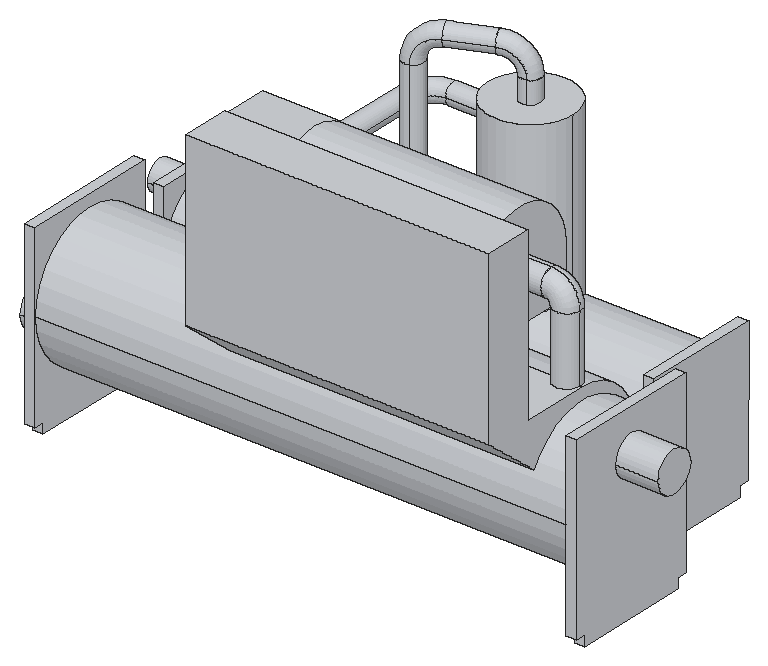
Revit family "M_Resfriador rotativo helicoidal líquido - Resfriado a água - 615-791 kW", category Equipamento mecânico, Revit 2019
Family settings
  Cota do conector redondo = Usar raio
  Tipo de parte = Normal
  Número OmniClass = 23.75.10.24.21.21.21
  Título OmniClass = Rotary-Screw Water Chillers
  ID de item do Seek = Helical Rotary Liquid Chiller - Water Cooled - 615-791 kW-0000-CAN-ENU
  Com base no plano de trabalho = Não
  Sempre na vertical = Sim
  Corte com vazios quando carregada = Não
  Compartilhado = Não
  Ponto de cálculo do ambiente = Não
Parameters (values of type "615-703 kW")
  Voltagem = 480 V
  Número de pólos = 3
  Classificação de carga = Refrigeração
  Comprimento 1 = 1600 mm
  Raio do retorno de água resfriada = Diâmetro do retorno de água resfriada / 2  # 75 mm
  Diâmetro do retorno de água resfriada = 150 mm
  Queda de pressão da água da refrigeração [instance] = 127000.0 Pa
  Raio do fornecimento de água resfriada = Diâmetro do fornecimento de água resfriada / 2  # 100 mm
  Raio do retorno de água resfriada = Diâmetro do retorno de água resfriada / 2  # 100 mm
  Diâmetro do retorno de água resfriada = 200 mm
  Diâmetro do fornecimento de água resfriada = 200 mm
  Comprimento do evaporador = 2734 mm
  Queda de pressão da água resfriada [instance] = 114000.0 Pa
  Fluxo da água resfriada [instance] = 53.3 L/s
  Raio do fornecimento de água resfriada = 75 mm
  Diâmetro do fornecimento de água resfriada = Raio do fornecimento de água resfriada * 2  # 150 mm
  Comprimento do condensador = 2477 mm
  Fluxo da água da refrigeração [instance] = 59.0 L/s
  Material do resfriador = none
  Carga aparente = 218000 VA
Types (3, lengths in mm): name | Comprimento 1 | Comprimento do evaporador | Queda de pressão da água resfriada | Fluxo da água resfriada | Comprimento do condensador
  (no name) | 1600 | 2734 | 114000.0 Pa | 53.3 L/s | 2477
  615-703 kW | 1600 | 2734 | 114000.0 Pa | 53.3 L/s | 2477
  703-791 kW | 1800 | 3197 | 139000.0 Pa | 64.5 L/s | 2997
Reference planes
  plane 1 "Centro (Frente/Trás)": y = 0
  plane 2: z = 0
  plane 3 "Centro (Esquerda/Direita)": x = 0
  plane 4: x = 50.8
  plane 5: z = 50.8
  plane 6: y = -241.3
  plane 7: y = -482.6
  plane 8: y = -533.4
  plane 9: z = 762
  plane 10: x = 2477
  plane 11: x = 2426.2
  plane 12: y = 50.8
  plane 13: z = 450.85
  plane 14: x = 1606.55
  plane 15: x = 6.55
  plane 16: x = 57.35
  plane 17: y = -1003.3
  plane 18: x = 2740.55
  plane 19: x = 2689.75
  plane 20: z = 939.8
  plane 21: y = -714.375
  plane 22: y = -1292.225
  plane 23: y = -663.575
  plane 24: y = -1343.025
  plane 25: z = 542.925
  plane 26: z = 1558.925
  plane 27: z = 1181.1
  plane 28: z = 1587.5
  plane 29: y = -850.9
  plane 30: y = -1155.7
  plane 31: x = 793.75
  plane 32: x = 1174.75
  plane 33: x = 2190.75
  plane 34: z = 1104.9
  plane 35: y = -723.9
  plane 36: y = -1282.7
  plane 37: z = 1352.55
  plane 38: z = 723.9
  plane 39: z = 1631.95
  plane 40: z = 1787.525
  plane 41: y = -1584.325
  plane 42: y = -1343.025
  plane 43: z = 615.95
  plane 44: x = 996.95
  plane 45: x = 2498.725
  plane 46: z = 342.9
  plane 47: z = 596.9
  plane 48: z = 1390.65
  plane 49: x = -203.2
  plane 50: x = 1035.05
  plane 51: y = -257.175
  plane 52: x = 1162.05
  plane 53: x = 2422.525
  plane 54: z = 1274.762
  plane 55: x = 2344.738
  plane 56: x = 1682.75
  plane 57: x = 1558.925
  plane 58: z = 1793.875
  plane 59: y = -209.55
  plane 60: y = -130.175
  plane 61: x = 1174.75
  plane 62: y = -393.7
  plane 63: through (1174.75, -393.7, 4267.2) normal (-0.3923, 0.9198, 0)
  plane 64: z = 352.425
  plane 65: x = -206.175
  plane 66: x = 2953.275
  plane 67: z = 1844.675
  plane 68: z = 1092.2
  plane 69: x = 1747.838
Forms (mm)
  Extrusion 1, solid, material <- "Material do resfriador"
    sketch origin (0, 0, 0) x (0, 1, 0) y (0, 0, 1)
      loop
        line (0, 0) -> (0, 50.8) -> (50.8, 50.8) -> (50.8, 762) -> (-533.4, 762) -> (-533.4, 50.8) -> (-482.6, 50.8) -> (-482.6, 0) -> (0, 0)
    from 0 to 50.8
  Extrusion 2, solid, material <- "Material do resfriador"
    sketch origin (0, 0, 0) x (0, 1, 0) y (0, 0, 1)
      loop
        line (0, 0) -> (0, 50.8) -> (50.8, 50.8) -> (50.8, 762) -> (-533.4, 762) -> (-533.4, 50.8) -> (-482.6, 50.8) -> (-482.6, 0) -> (0, 0)
    from 2426.2 to 2477
  Extrusion 3, solid, material <- "Material do resfriador"
    sketch origin (0, 0, 0) x (0, 1, 0) y (0, 0, 1)
      loop
        circle (-241.3, 450.85) r 292.1
    from 50.8 to 2426.2
  Extrusion 4, solid, material <- "Material do resfriador"
    sketch origin (0, 0, 0) x (0, 1, 0) y (0, 0, 1)
      loop
        line (-714.375, 0) -> (-714.375, 50.8) -> (-663.575, 50.8) -> (-663.575, 939.8) -> (-1343.025, 939.8) -> (-1343.025, 50.8) -> (-1292.225, 50.8) -> (-1292.225, 0) -> (-714.375, 0)
    from 6.55 to 57.35
  Extrusion 5, solid, material <- "Material do resfriador"
    sketch origin (0, 0, 0) x (0, 1, 0) y (0, 0, 1)
      loop
        line (-714.375, 0) -> (-714.375, 50.8) -> (-663.575, 50.8) -> (-663.575, 939.8) -> (-1343.025, 939.8) -> (-1343.025, 50.8) -> (-1292.225, 50.8) -> (-1292.225, 0) -> (-714.375, 0)
    from 2689.75 to 2740.55
  Extrusion 6, solid, material <- "Material do resfriador"
    sketch origin (0, 0, 0) x (0, 1, 0) y (0, 0, 1)
      loop
        circle (-1003.3, 542.925) r 339.725
    from 57.35 to 2689.75
  Extrusion 7, solid, material <- "Material do resfriador"
    sketch origin (0, 0, 0) x (1, 0, 0) y (0, 1, 0)
      loop
        circle (1606.55, -209.55) r 209.55
    from 450.85 to 1558.925
  Extrusion 8, solid, material <- "Material do resfriador"
    sketch origin (0, 0, 0) x (0, 1, 0) y (0, 0, 1)
      loop
        line (-850.9, 1587.5) -> (-1155.7, 1587.5) -> (-1155.7, 1181.1) -> (-850.9, 1181.1) -> (-850.9, 1587.5)
    from 793.75 to 1174.75
  Extrusion 9, solid, material <- "Material do resfriador"
    sketch origin (0, 0, 0) x (0, 1, 0) y (0, 0, 1)
      loop
        line (-1282.7, 1352.55) -> (-1282.7, 1104.9) -> (-723.9, 1104.9) -> (-723.9, 1352.55)
        arc (-723.9, 1352.55) -> (-1003.3, 1631.95) -> (-1282.7, 1352.55) r 279.4
    from 1174.75 to 2190.75
  Extrusion 10, solid, material <- "Material do resfriador"
    sketch origin (0, 0, 0) x (0, 1, 0) y (0, 0, 1)
      loop
        line (-1003.3, 939.8) -> (-1343.025, 939.8) -> (-1343.025, 1787.525) -> (-1584.325, 1787.525) -> (-1584.325, 939.8) -> (-1198.376, 615.95) -> (-679.45, 615.95)
        arc (-679.45, 615.95) -> (-774.303, 844.947) -> (-1003.3, 939.8) r 323.85
    from 996.95 to 2498.725
  Extrusion 11, solid, material <- "Material do resfriador"
    sketch origin (0, 0, 0) x (0, 1, 0) y (0, 0, 1)
      loop
        circle (-241.3, 596.9) r 75
      loop
        circle (-241.3, 342.9) r 75
    from -203.2 to 0
  Sweep 12, solid, material <- "Material do resfriador"
    path in 3D
      loop
        line (2190.75, -1003.3, 1352.55) -> (2344.738, -1003.3, 1352.55)
        arc (2344.738, -1003.3, 1352.55) -> (2399.742, -1003.3, 1329.767) -> (2422.525, -1003.3, 1274.762) r 77.788
        line (2422.525, -1003.3, 1274.762) -> (2422.525, -1003.3, 542.925)
    profile origin (2267.744, -1003.3, 1352.55) x (0, 0, -1) y (0, 1, 0)
      loop
        circle (0, 0) r 65.088
  Extrusion 13, solid, material <- "Material do resfriador"
    sketch origin (0, 0, 0) x (1, 0, 0) y (0, 1, 0)
      loop
        circle (1682.75, -1003.3) r 123.825
    from 542.925 to 1104.9
  Sweep 14, solid, material <- "Material do resfriador"
    path in 3D
      loop
        line (1035.05, -1003.3, 1390.65) -> (1035.05, -257.175, 1390.65)
        arc (1035.05, -257.175, 1390.65) -> (1072.247, -167.372, 1390.65) -> (1162.05, -130.175, 1390.65) r 127
        line (1162.05, -130.175, 1390.65) -> (1606.55, -130.175, 1390.65)
    profile origin (1384.3, -130.175, 1390.65) x (0, 1, 0) y (0, 0, 1)
      loop
        circle (0, 0) r 50.8
  Extrusion 15, solid, material <- "Material do resfriador"
    sketch origin (0, 0, 0) x (0, 1, 0) y (0, 0, 1)
      loop
        circle (-1003.3, 352.425) r 100
    from -206.175 to 6.55
  Extrusion 16, solid, material <- "Material do resfriador"
    sketch origin (0, 0, 0) x (0, 1, 0) y (0, 0, 1)
      loop
        circle (-1003.3, 723.9) r 100
    from 2740.55 to 2953.275
  Sweep 17, solid, material <- "Material do resfriador"
    path in 3D
      loop
        line (1173.85, -394.084, 450.85) -> (1173.85, -394.084, 1664.107)
        arc (1173.85, -394.084, 1664.107) -> (1208.046, -379.5, 1756.699) -> (1293.217, -343.177, 1793.875) r 127.03
        line (1293.217, -343.177, 1793.875) -> (1489.226, -259.585, 1793.875)
        arc (1489.226, -259.585, 1793.875) -> (1571.83, -224.357, 1756.678) -> (1606.046, -209.765, 1666.875) r 127
        line (1606.046, -209.765, 1666.875) -> (1606.046, -209.765, 1558.925)
    profile origin (1606.046, -209.765, 1612.9) x (-0.392286, 0.919843, 0) y (-0.919843, -0.392286, 0)
      loop
        circle (0, -0.548) r 50.8
  Extrusion 18, solid, material <- "Material do resfriador"
    sketch origin (0, 0, 0) x (1, 0, 0) y (0, 0, 1)
      loop
        circle (1747.838, 1092.2) r 19.05
    from 1343.025 to 1584.325
Cuts and joins
  joined: Extrusion 1, Extrusion 2, Extrusion 3, Extrusion 5, Extrusion 6, Extrusion 7, Extrusion 8, Extrusion 9, Extrusion 10, Extrusion 11, Sweep 12, Extrusion 13, Sweep 14, Extrusion 16, Sweep 17, Extrusion 18
Lines and regions (mm)
  reference lines
    curve 1: line (1162.05, -130.175, 1390.65) -> (1606.55, -130.175, 1390.65)
    curve 2: line (1035.05, -257.175, 1390.65) -> (1035.05, -1003.3, 1390.65)
    curve 3: line (2190.75, -1003.3, 1352.55) -> (2344.738, -1003.3, 1352.55)
    curve 4: line (2422.525, -1003.3, 1274.762) -> (2422.525, -1003.3, 542.925)
    curve 5: arc (2344.738, -1003.3, 1352.55) -> (2399.742, -1003.3, 1329.767) -> (2422.525, -1003.3, 1274.762) r 77.788
    curve 9: arc (1162.05, -130.175, 1390.65) -> (1072.247, -167.372, 1390.65) -> (1035.05, -257.175, 1390.65) r 127
    curve 13: line (1489.226, -259.585, 1793.875) -> (1288.124, -345.349, 1793.875)
    curve 14: line (1173.85, -394.084, 1664.107) -> (1173.85, -394.084, 450.85)
    curve 15: line (1606.046, -209.765, 1666.875) -> (1606.046, -209.765, 1558.925)
    curve 16: arc (1606.046, -209.765, 1666.875) -> (1571.83, -224.357, 1756.678) -> (1489.226, -259.585, 1793.875) r 127
    curve 17: arc (1173.85, -394.084, 1664.107) -> (1206.265, -380.26, 1754.72) -> (1288.124, -345.349, 1793.875) r 127.03
  sketch lines
    curve 6: line (2190.75, -1003.3, 1352.55) -> (2344.738, -1003.3, 1352.55)
    curve 7: arc (2344.738, -1003.3, 1352.55) -> (2399.742, -1003.3, 1329.767) -> (2422.525, -1003.3, 1274.762) r 77.788
    curve 8: line (2422.525, -1003.3, 1274.762) -> (2422.525, -1003.3, 542.925)
    curve 10: line (1162.05, -130.175, 1390.65) -> (1606.55, -130.175, 1390.65)
    curve 11: arc (1162.05, -130.175, 1390.65) -> (1072.247, -167.372, 1390.65) -> (1035.05, -257.175, 1390.65) r 127
    curve 12: line (1035.05, -257.175, 1390.65) -> (1035.05, -1003.3, 1390.65)
    curve 18: line (1606.046, -209.765, 1666.875) -> (1606.046, -209.765, 1558.925)
    curve 19: arc (1606.046, -209.765, 1666.875) -> (1571.83, -224.357, 1756.678) -> (1489.226, -259.585, 1793.875) r 127
    curve 20: line (1489.226, -259.585, 1793.875) -> (1293.217, -343.177, 1793.875)
    curve 21: arc (1173.85, -394.084, 1664.107) -> (1208.046, -379.5, 1756.699) -> (1293.217, -343.177, 1793.875) r 127.03
    curve 22: line (1173.85, -394.084, 1664.107) -> (1173.85, -394.084, 450.85)
Dimensions and locks
  locked: plane 3 "Centro (Esquerda/Direita)" to plane 4 at 50.8
  locked: plane 5 to plane 2 at 50.8
  locked: plane 6 to plane 7 at 241.3
  locked: plane 7 to plane 8 at 50.8
  locked: plane 9 to plane 2 at 762
  "Comprimento do condensador": plane 3 "Centro (Esquerda/Direita)" to plane 10
  locked: plane 11 to plane 10 at 50.8
  locked: plane 12 to plane 1 "Centro (Frente/Trás)" at 50.8
  locked: plane 1 "Centro (Frente/Trás)" to plane 6 at 241.3
  locked: plane 13 to plane 2 at 450.85
  locked: plane 3 "Centro (Esquerda/Direita)" to plane 14 at 1606.55
  "Comprimento 1": plane 15 to plane 14
  locked: plane 15 to plane 16 at 50.8
  locked: plane 6 to plane 17 at 762
  "Comprimento do evaporador": plane 15 to plane 18
  locked: plane 19 to plane 18 at 50.8
  locked: plane 20 to plane 2 at 939.8
  locked: plane 21 to plane 17 at 288.925
  locked: plane 17 to plane 22 at 288.925
  locked: plane 23 to plane 21 at 50.8
  locked: plane 22 to plane 24 at 50.8
  locked: plane 25 to plane 2 at 542.925
  locked: plane 26 to plane 9 at 796.925
  locked: plane 27 to plane 2 at 1181.1
  locked: plane 28 to plane 27 at 406.4
  locked: plane 29 to plane 17 at 152.4
  locked: plane 17 to plane 30 at 152.4
  locked: plane 31 to plane 14 at 812.8
  locked: plane 32 to plane 14 at 431.8
  locked: plane 14 to plane 33 at 584.2
  locked: plane 34 to plane 2 at 1104.9
  locked: plane 35 to plane 17 at 279.4
  locked: plane 17 to plane 36 at 279.4
  locked: plane 38 to plane 2 at 723.9
  locked: plane 37 to plane 38 at 628.65
  locked: plane 39 to plane 37 at 279.4
  locked: plane 40 to plane 2 at 1787.525
  locked: plane 12 to plane 41 at 1635.125
  locked: plane 42 to plane 41 at 241.3
  locked: plane 43 to plane 25 at 73.025
  locked: plane 44 to plane 14 at 609.6
  locked: plane 14 to plane 45 at 892.175
  locked: plane 46 to plane 2 at 342.9
  locked: plane 47 to plane 46 at 254
  locked: plane 48 to plane 47 at 793.75
  locked: plane 49 to plane 3 "Centro (Esquerda/Direita)" at 203.2
  locked: plane 50 to plane 14 at 571.5
  locked: plane 50 to plane 52 at 127
  locked: plane 33 to plane 53 at 231.775
  locked: plane 54 to plane 37 at 77.787
  locked: plane 55 to plane 53 at 77.787
  locked: plane 57 to plane 56 at 123.825
  locked: plane 58 to plane 2 at 1793.875
  locked: plane 6 to plane 59 at 31.75
  locked: plane 60 to plane 59 at 79.375
  locked: plane 60 to plane 51 at 127
  locked: plane 61 to plane 14 at 431.8
  locked: plane 6 to plane 62 at 152.4
  locked: plane 64 to plane 2 at 352.425
  locked: plane 65 to plane 15 at 212.725
  locked: plane 18 to plane 66 at 212.725
  locked: plane 67 to plane 58 at 50.8
  locked: plane 20 to plane 68 at 152.4
  equal spacing: plane 45, plane 69, plane 44
  locked: plane 4 to plane 57 at 1508.125
  radius of Extrusion 3 sketch curve = 292.1 mm
  radius of Extrusion 6 sketch curve = 339.725 mm
  radius of Extrusion 7 sketch curve = 209.55 mm
  radius of Extrusion 9 sketch curve = 279.4 mm
  radius of Extrusion 10 sketch curve = 323.85 mm
  "Raio do fornecimento de água resfriada": radius of Extrusion 11 sketch curve
  "Raio do retorno de água resfriada": radius of Extrusion 11 sketch curve
  radius of curve 5 = 77.788 mm
  radius of Sweep 12 sketch curve = 65.088 mm
  radius of Extrusion 13 sketch curve = 123.825 mm
  radius of curve 9 = 127 mm
  radius of Sweep 14 sketch curve = 50.8 mm
  "Raio do retorno de água resfriada": radius of Extrusion 15 sketch curve
  "Raio do fornecimento de água resfriada": radius of Extrusion 16 sketch curve
  radius of Sweep 17 sketch curve = 50.8 mm
  radius of Extrusion 18 sketch curve = 19.05 mm
  angle Extrusion 10 sketch curve to Extrusion 10 sketch curve = 90.00°
  locked: Extrusion 10 sketch curve to plane 20 (angle 140.00°)
  angle curve 5 to curve 5 = 90.00°
  angle curve 9 to curve 9 = 90.00°
  aligned and locked: plane 1 "Centro (Frente/Trás)" to Extrusion 1 sketch curve
  aligned and locked: plane 7 to Extrusion 1 sketch curve
  aligned and locked: Extrusion 1 sketch curve to plane 2
  aligned and locked: Extrusion 1 sketch curve to plane 7
  aligned and locked: Extrusion 1 sketch curve to plane 5  (x2)
  aligned and locked: plane 5 to Extrusion 1 sketch curve  (x2)
  aligned and locked: Extrusion 1 sketch curve to plane 1 "Centro (Frente/Trás)"
  aligned and locked: plane 9 to Extrusion 1 sketch curve  (x2)
  aligned and locked: Extrusion 1 sketch curve to plane 12
  aligned and locked: Extrusion 1 sketch curve to plane 8
  aligned and locked: Extrusion 1 to plane 3 "Centro (Esquerda/Direita)"
  aligned and locked: plane 4 to Extrusion 1
  aligned and locked: plane 1 "Centro (Frente/Trás)" to Extrusion 2 sketch curve
  aligned and locked: plane 7 to Extrusion 2 sketch curve
  aligned and locked: Extrusion 2 sketch curve to plane 2
  aligned and locked: plane 5 to Extrusion 2 sketch curve  (x2)
  aligned and locked: Extrusion 2 sketch curve to plane 1 "Centro (Frente/Trás)"
  aligned and locked: Extrusion 2 sketch curve to plane 5  (x2)
  aligned and locked: plane 2 to Extrusion 2 sketch curve
  aligned and locked: Extrusion 2 sketch curve to plane 7
  aligned and locked: plane 9 to Extrusion 2 sketch curve  (x2)
  aligned and locked: Extrusion 2 sketch curve to plane 8
  aligned and locked: Extrusion 2 sketch curve to plane 12
  aligned and locked: plane 10 to Extrusion 2
  aligned and locked: Extrusion 2 to plane 11
  aligned and locked: plane 13 to Extrusion 3 sketch curve
  aligned and locked: plane 6 to Extrusion 3 sketch curve
  aligned and locked: plane 11 to Extrusion 3
  aligned and locked: Extrusion 3 to plane 4
  aligned and locked: plane 21 to Extrusion 4 sketch curve
  aligned and locked: plane 22 to Extrusion 4 sketch curve
  aligned and locked: Extrusion 4 sketch curve to plane 2
  aligned and locked: plane 5 to Extrusion 4 sketch curve  (x4)
  aligned and locked: Extrusion 4 sketch curve to plane 21
  aligned and locked: Extrusion 4 sketch curve to plane 23
  aligned and locked: plane 2 to Extrusion 4 sketch curve
  aligned and locked: Extrusion 4 sketch curve to plane 22
  aligned and locked: plane 20 to Extrusion 4 sketch curve
  aligned and locked: Extrusion 4 sketch curve to plane 24
  aligned and locked: Extrusion 4 sketch curve to plane 20
  aligned and locked: Extrusion 4 to plane 15
  aligned and locked: plane 16 to Extrusion 4
  aligned and locked: plane 21 to Extrusion 5 sketch curve
  aligned and locked: plane 22 to Extrusion 5 sketch curve
  aligned and locked: Extrusion 5 sketch curve to plane 2
  aligned and locked: Extrusion 5 sketch curve to plane 21
  aligned and locked: plane 5 to Extrusion 5 sketch curve  (x4)
  aligned and locked: Extrusion 5 sketch curve to plane 23
  aligned and locked: plane 2 to Extrusion 5 sketch curve
  aligned and locked: Extrusion 5 sketch curve to plane 22
  aligned and locked: plane 20 to Extrusion 5 sketch curve
  aligned and locked: plane 24 to Extrusion 5 sketch curve
  aligned and locked: Extrusion 5 sketch curve to plane 20
  aligned and locked: plane 18 to Extrusion 5
  aligned and locked: Extrusion 5 to plane 19
  aligned and locked: plane 25 to Extrusion 6 sketch curve
  aligned and locked: plane 17 to Extrusion 6 sketch curve
  aligned and locked: plane 19 to Extrusion 6
  aligned and locked: Extrusion 6 to plane 16
  aligned and locked: plane 14 to Extrusion 7 sketch curve
  aligned and locked: plane 26 to Extrusion 7
  aligned and locked: Extrusion 7 to plane 13
  aligned and locked: plane 29 to Extrusion 8 sketch curve
  aligned and locked: plane 28 to Extrusion 8 sketch curve
  aligned and locked: plane 27 to Extrusion 8 sketch curve
  aligned and locked: plane 30 to Extrusion 8 sketch curve
  aligned and locked: plane 32 to Extrusion 8
  aligned and locked: Extrusion 8 to plane 31
  aligned and locked: plane 37 to Extrusion 9 sketch curve  (x3)
  aligned and locked: plane 17 to Extrusion 9 sketch curve
  aligned and locked: plane 34 to Extrusion 9 sketch curve
  aligned and locked: plane 35 to Extrusion 9 sketch curve
  aligned and locked: plane 36 to Extrusion 9 sketch curve
  aligned and locked: Extrusion 9 sketch curve to plane 34
  aligned and locked: plane 33 to Extrusion 9
  aligned and locked: Extrusion 9 to plane 32
  aligned and locked: plane 17 to Extrusion 10 sketch curve  (x2)
  aligned and locked: Extrusion 10 sketch curve to plane 20
  aligned and locked: plane 20 to Extrusion 10 sketch curve  (x2)
  aligned and locked: Extrusion 10 sketch curve to plane 42
  aligned and locked: Extrusion 10 sketch curve to plane 40
  aligned and locked: plane 40 to Extrusion 10 sketch curve
  aligned and locked: Extrusion 10 sketch curve to plane 41
  aligned and locked: Extrusion 10 sketch curve to plane 43
  aligned and locked: plane 45 to Extrusion 10
  aligned and locked: Extrusion 10 to plane 44
  aligned and locked: plane 47 to Extrusion 11 sketch curve
  aligned and locked: plane 6 to Extrusion 11 sketch curve  (x2)
  aligned and locked: plane 46 to Extrusion 11 sketch curve
  aligned and locked: Extrusion 11 to plane 49
  aligned and locked: plane 3 "Centro (Esquerda/Direita)" to Extrusion 11
  aligned and locked: plane 14 to curve 1
  aligned and locked: plane 52 to curve 1
  aligned and locked: plane 17 to curve 2
  aligned and locked: plane 33 to curve 3
  aligned and locked: plane 55 to curve 3
  aligned and locked: plane 37 to curve 3
  aligned and locked: plane 54 to curve 4
  aligned and locked: plane 25 to curve 4
  aligned and locked: curve 4 to plane 53
  aligned and locked: plane 37 to Sweep 12 sketch curve
  aligned and locked: plane 17 to Sweep 12 sketch curve
  aligned and locked: plane 56 to Extrusion 13 sketch curve
  aligned and locked: plane 17 to Extrusion 13 sketch curve
  aligned and locked: plane 34 to Extrusion 13
  aligned and locked: Extrusion 13 to plane 25
  aligned and locked: plane 59 to Extrusion 7 sketch curve
  aligned and locked: curve 1 to plane 60
  aligned and locked: plane 52 to curve 9
  aligned and locked: plane 48 to Sweep 14 sketch curve
  aligned and locked: plane 60 to Sweep 14 sketch curve
  aligned and locked: plane 13 to curve 14
  aligned and locked: plane 26 to curve 15
  aligned and locked: plane 64 to Extrusion 15 sketch curve
  aligned and locked: plane 17 to Extrusion 15 sketch curve
  aligned and locked: Extrusion 15 to plane 65
  aligned and locked: plane 15 to Extrusion 15
  aligned and locked: plane 38 to Extrusion 16 sketch curve
  aligned and locked: plane 17 to Extrusion 16 sketch curve
  aligned and locked: plane 66 to Extrusion 16
  aligned and locked: Extrusion 16 to plane 18
  aligned and locked: curve 13 to plane 58
  aligned and locked: plane 59 to Sweep 17 sketch curve
  aligned and locked: plane 14 to Sweep 17 sketch curve
  aligned and locked: plane 68 to Extrusion 18 sketch curve
  aligned and locked: plane 69 to Extrusion 18 sketch curve
  aligned and locked: plane 41 to Extrusion 18
  aligned and locked: Extrusion 18 to plane 24
Automatic sketch dimensions
  curve 17 to curve 14 = 0 mm  (x2)
  curve 16 to curve 14 = 2.768 mm
  curve 16 to curve 14 = 342.858 mm
  curve 15 to plane 26 = 0 mm
  curve 13 to plane 58 = 0 mm
  curve 14 to plane 13 = 0 mm
  plane 39 to curve 15 = 34.925 mm
  curve 15 to curve 13 = 127 mm
  curve 13 to curve 13 = 218.627 mm
  curve 15 to curve 14 = 469.858 mm
  plane 39 to curve 14 = 32.157 mm
  curve 16 to curve 16 = 127 mm
  curve 17 to curve 14 = 129.768 mm
  curve 17 to curve 14 = 2.768 mm
  curve 14 to curve 17 = 127 mm
Connectors
  piping at (2953.275, -1003.3, 723.9), diameter 200, driven by "Fluxo da água resfriada", driven by "Raio do fornecimento de água resfriada", driven by "Queda de pressão da água resfriada"
    settings: on Extrusion 16, index 1, connector inside diameter 200 mm, connector length 0 mm, flow factor 0, pipe flow 53.3 L/s, pressure drop 114000.0 Pa, fitting loss kfactor 0, connector angle 0.00°, fixture units 0, engagement length 0 mm, angle of deflection 0.00°, flow configuration 0, flow direction 2, fitting loss method 4, system type 7, joint type 0, gender type 0, connector reference index 2, connector utility 0, adjustable connector no, is connector primary yes, connector description "Saída de água resfriada"
  piping at (-206.175, -1003.3, 352.425), diameter 200, driven by "Fluxo da água resfriada", driven by "Raio do fornecimento de água resfriada"
    settings: on Extrusion 15, index 2, connector inside diameter 200 mm, connector length 0 mm, flow factor 0, pipe flow 53.3 L/s, pressure drop 0.0 Pa, fitting loss kfactor 0, connector angle 0.00°, fixture units 0, engagement length 0 mm, angle of deflection 0.00°, flow configuration 0, flow direction 1, fitting loss method 4, system type 8, joint type 0, gender type 0, connector reference index 1, connector utility 0, adjustable connector no, is connector primary no, connector description "Entrada de água resfriada"
  piping at (-203.2, -241.3, 596.9), diameter 150, driven by "Fluxo da água da refrigeração", driven by "Raio do fornecimento de água resfriada"
    settings: on Extrusion 11, index 3, connector inside diameter 150 mm, connector length 0 mm, flow factor 0, pipe flow 59.0 L/s, pressure drop 0.0 Pa, fitting loss kfactor 0, connector angle 0.00°, fixture units 0, engagement length 0 mm, angle of deflection 0.00°, flow configuration 1, flow direction 1, fitting loss method 4, system type 7, joint type 0, gender type 0, connector reference index 4, connector utility 0, adjustable connector no, is connector primary no, connector description "Entrada da água da refrigeração"
  piping at (-203.2, -241.3, 342.9), diameter 150, driven by "Fluxo da água da refrigeração", driven by "Raio do retorno de água resfriada", driven by "Queda de pressão da água da refrigeração"
    settings: on Extrusion 11, index 4, connector inside diameter 150 mm, connector length 0 mm, flow factor 0, pipe flow 59.0 L/s, pressure drop 127000.0 Pa, fitting loss kfactor 0, connector angle 0.00°, fixture units 0, engagement length 0 mm, angle of deflection 0.00°, flow configuration 1, flow direction 2, fitting loss method 4, system type 8, joint type 0, gender type 0, connector reference index 3, connector utility 0, adjustable connector no, is connector primary no, connector description "Saída da água da refrigeração"
  electrical at (1747.838, -1343.025, 1092.2), driven by "Carga aparente", driven by "Voltagem", driven by "Número de pólos", driven by "Classificação de carga"
    settings: on Extrusion 18, index 5, voltage 480 V, apparent load 218000 VA, apparent load phase1 0 VA, apparent load phase2 0 VA, apparent load phase3 0 VA, power factor 0.8, load classification "Refrigeração", number of poles 3, system type 30, power factor state 1, is connector primary yes, connector utility no, sub classification motor no, connector description ""
